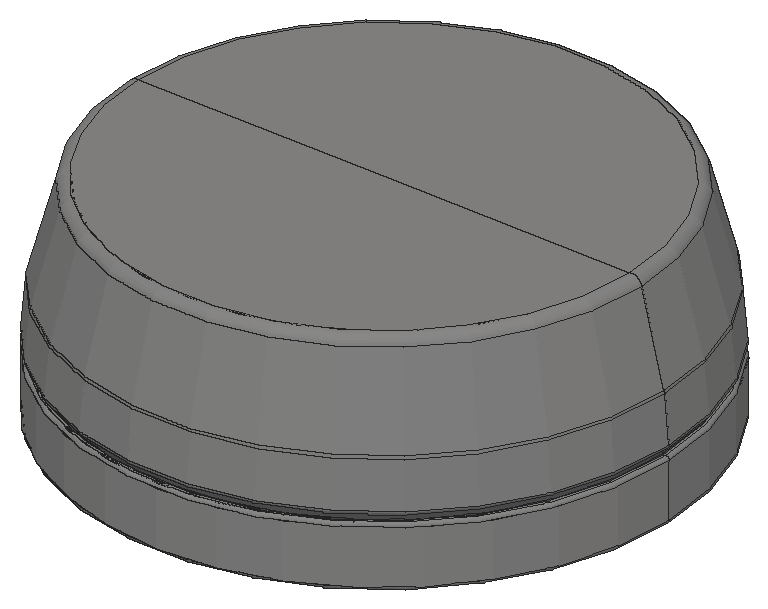
Revit family "Seating-Medium-Teknion-STBC_Qui-R2013", category Furniture, Revit 2013
Parameters (values of type "Medium")
  Width = 44.500"
  Warranty = "http://www.teknionstudio.com/pdfs/Teknion%20Studio%20Warranty.pdf"
  Unit Weight = 0.00 lbf
  URL = "www.teknionstudio.com"
  Top Upholstery Finish [instance] = Fabric - Teknion - F206 - Full Wool - Fantasme
  Thread Finish [instance] = Thread - Teknion - Black
  Series = "Studio"
  Product Line = "Qui"
  Product Documentation Link = "http://www.teknionstudio.com/pricing/STBC_ppg.pdf"
  Part Number = "STBC"
  No Casters = no
  Model = "STBC3"
  Mid Upholstery Finish [instance] = Fabric - Teknion - F212 - Full Wool - Ink
  Manufacturer Phone = "919-464-2920"
  Manufacturer Fax = "919-464-2927"
  Manufacturer Email = "customersupport@teknionstudio.com"
  Manufacturer Address = "3941 US 70 Business HWY West, Clayton, NC 27520"
  Manufacturer = "Teknion Studio"
  Low Emitting Material = yes
  Low Emitting Finish = yes
  Height = 17.3001"
  Description = "Qui Large Ottoman - Upholstered Mid Panel, 44.5\"dia x 18\"h / 113cm x 46cm"
  Depth = 44.500"
  Base Upholstery Finish [instance] = Fabric - Teknion - F206 - Full Wool - Fantasme
  Assembly Code = "E2020200"
Reference planes (in)
  plane 1 "Center F/B": y = 0
  plane 2: z = 0
  plane 3 "Center L/R": x = 0
  plane 4 "Left": x = -22.25
  plane 5 "Right": x = 22.25
  plane 6 "Back": y = 22.25
  plane 7 "Front": y = -22.25
  plane 8 "Top": z = 17.3001
  plane 9 "Mid Top": z = 5.99
  plane 10 "Mid Bottom": z = 5.4351
  plane 11 "Casters Top": z = 2.6851
  plane 12 "Bottom": z = 0.75
  plane 13: y = -10.5
  plane 14: through (0, 0, 48) normal (-0.5, 0.866, 0)
  plane 15: through (0, 0, 48) normal (0.5, 0.866, 0)
  plane 16 "Wheel Mid Plane": z = 1.19
  plane 17 "Thread 2": z = 16.6501
  plane 18 "Thread 3": x = -0.325
  plane 19 "Thread 4": x = 0.325
  plane 20: x = -3.725
  plane 21: x = 3.725
Forms (in)
  Revolve 1, solid, material "Fabric - Teknion - F206 - Full Wool - Fantasme" <- "Base Upholstery Finish"
    sketch origin (0, 0, 0) x (1, 0, 0) y (0, 0, 1)
      loop
        line (0, 5.4351) -> (-22, 5.4351)
        arc (-22, 5.4351) -> (-22.17678, 5.36188) -> (-22.25, 5.1851) r 0.25
        line (-22.25, 5.1851) -> (-22.25, 1)
        arc (-22.25, 1) -> (-22.17678, 0.82322) -> (-22, 0.75) r 0.25
        line (-22, 0.75) -> (0, 0.75) -> (0, 5.4351)
      axis (0, 5.4351) -> (0, 0.75)
    angle from 0 to 360
  Revolve 2, solid, material "Fabric - Teknion - F212 - Full Wool - Ink" <- "Mid Upholstery Finish"
    sketch origin (0, 0, 0) x (1, 0, 0) y (0, 0, 1)
      loop
        arc (-21.65, 6.0501) -> (-21.72071, 6.02081) -> (-21.75, 5.9501) r 0.1
        line (-21.75, 5.9501) -> (-21.75, 5.47013)
        arc (-21.75, 5.47013) -> (-21.72067, 5.39933) -> (-21.64987, 5.37) r 0.10013
        line (-21.64987, 5.37) -> (0, 5.37) -> (0, 6.0501) -> (-21.65, 6.0501)
      axis (0, 6.0501) -> (0, 5.37)
    angle from 0 to 360
  Revolve 3, solid, material "Fabric - Teknion - F206 - Full Wool - Fantasme" <- "Top Upholstery Finish"
    sketch origin (0, 0, 0) x (1, 0, 0) y (0, 0, 1)
      loop
        line (0, 17.3001) -> (0, 5.99) -> (21.98328, 5.99)
        arc (21.98328, 5.99) -> (22.1676, 6.0711) -> (22.23233, 6.26179) r 0.25
        line (22.23233, 6.26179) -> (21.92651, 9.75731)
        arc (21.92651, 9.75731) -> (21.91114, 9.87407) -> (21.88565, 9.98906) r 1.35
        line (21.88565, 9.98906) -> (20.1054, 16.63304)
        arc (20.1054, 16.63304) -> (19.78395, 17.11412) -> (19.23607, 17.3001) r 0.9
        line (19.23607, 17.3001) -> (0, 17.3001)
      axis (0, 5.99) -> (0, 17.3001)
    angle from 0 to 360
  Revolve 4, solid, material "Plastic - Teknion - E - Ebony"
    sketch origin (0, -9.5, 0) x (0, 1, 0) y (0, 0, 1)
      loop
        line (-10.5, 0) -> (-10.5, 0.75) -> (-11, 0.75) -> (-10.89982, 0) -> (-10.5, 0)
      axis (-10.5, 0) -> (-10.5, 0.75)
    angle from 0 to 360
  Revolve 5, solid, material "Plastic - Teknion - E - Ebony"
    sketch origin (-8.22724, -4.75, 0) x (0.866025, 0.5, 0) y (0, 0, 1)
      loop
        line (-10.5, 0) -> (-10.5, 0.75) -> (-11, 0.75) -> (-10.89982, 0) -> (-10.5, 0)
      axis (-10.5, 0) -> (-10.5, 0.75)
    angle from 0 to 360
  Revolve 6, solid, material "Plastic - Teknion - E - Ebony"
    sketch origin (-8.22724, 4.75, 0) x (0.866025, -0.5, 0) y (0, 0, 1)
      loop
        line (-10.5, 0) -> (-10.5, 0.75) -> (-11, 0.75) -> (-10.89982, 0) -> (-10.5, 0)
      axis (-10.5, 0) -> (-10.5, 0.75)
    angle from 0 to 360
  Revolve 7, solid, material "Plastic - Teknion - E - Ebony"
    sketch origin (0, 9.5, 0) x (0, -1, 0) y (0, 0, 1)
      loop
        line (-10.5, 0) -> (-10.5, 0.75) -> (-11, 0.75) -> (-10.89982, 0) -> (-10.5, 0)
      axis (-10.5, 0) -> (-10.5, 0.75)
    angle from 0 to 360
  Revolve 8, solid, material "Plastic - Teknion - E - Ebony"
    sketch origin (8.22724, 4.75, 0) x (-0.866025, -0.5, 0) y (0, 0, 1)
      loop
        line (-10.5, 0) -> (-10.5, 0.75) -> (-11, 0.75) -> (-10.89982, 0) -> (-10.5, 0)
      axis (-10.5, 0) -> (-10.5, 0.75)
    angle from 0 to 360
  Revolve 9, solid, material "Plastic - Teknion - E - Ebony"
    sketch origin (8.22724, -4.75, 0) x (-0.866025, 0.5, 0) y (0, 0, 1)
      loop
        line (-10.5, 0) -> (-10.5, 0.75) -> (-11, 0.75) -> (-10.89982, 0) -> (-10.5, 0)
      axis (-10.5, 0) -> (-10.5, 0.75)
    angle from 0 to 360
Lines and regions (in)
  Masking region 1
    outline origin (0, 0, 17.3001) x (-1, 0, 0) y (0, -1, 0)
      loop
        circle (0, 0) r 22.25
  symbolic lines, detail levels fine
    curve 1: circle (0, 0, 17.3001) r 21.75 normal (0, 0, 1)
  symbolic lines, detail levels medium+fine
    curve 2: circle (0, 0, 17.3001) r 20.1 normal (0, 0, 1)
  symbolic lines
    curve 3: circle (0, 0, 17.3001) r 19.6 normal (0, 0, 1)
  model lines, detail levels medium+fine
    curve 4: arc (0.325, -20.09737, 16.6501) -> (2.03236, -19.99699, 16.6501) -> (3.725, -19.75182, 16.6501) r 20.1
    curve 5: arc (-3.725, -19.75182, 16.6501) -> (-2.03236, -19.99699, 16.6501) -> (-0.325, -20.09737, 16.6501) r 20.1
    curve 7: line (-0.325, -20.10035, 16.6501) -> (-0.325, -21.89438, 9.95469)
    curve 8: line (-0.325, -22.22955, 6.24243) -> (-0.325, -21.94419, 9.50408)
    curve 9: arc (-0.325, -21.89438, 9.95469) -> (-0.325, -21.92161, 9.72964) -> (-0.325, -21.94419, 9.50408) r 11
    curve 10: arc (-0.325, -22.22955, 6.24243) -> (-0.325, -22.15562, 6.06393) -> (-0.325, -21.97712, 5.99) r 0.25243
    curve 11: line (-0.325, -22.25, 5.19389) -> (-0.325, -22.25, 1.00401)
    curve 12: arc (-0.325, -22.25, 1.00401) -> (-0.325, -22.1756, 0.8244) -> (-0.325, -21.99599, 0.75) r 0.25401
    curve 13: arc (-0.325, -22.25, 5.19389) -> (-0.325, -22.18367, 5.36175) -> (-0.325, -22.01808, 5.43354) r 0.23582
    curve 14: line (0.325, -20.10035, 16.6501) -> (0.325, -21.89438, 9.95469)
    curve 15: line (0.325, -22.22955, 6.24243) -> (0.325, -21.94419, 9.50408)
    curve 16: arc (0.325, -21.89438, 9.95469) -> (0.325, -21.92161, 9.72964) -> (0.325, -21.94419, 9.50408) r 11
    curve 17: arc (0.325, -22.22955, 6.24243) -> (0.325, -22.15562, 6.06393) -> (0.325, -21.97712, 5.99) r 0.25243
    curve 18: line (0.325, -22.25, 5.19389) -> (0.325, -22.25, 1.00401)
    curve 19: arc (0.325, -22.25, 1.00401) -> (0.325, -22.1756, 0.8244) -> (0.325, -21.99599, 0.75) r 0.25401
    curve 20: arc (0.325, -22.25, 5.19389) -> (0.325, -22.18367, 5.36175) -> (0.325, -22.01808, 5.43354) r 0.23582
  model lines, detail levels fine
    curve 6: arc (-3.725, -19.24277, 17.3001) -> (0, -19.6, 17.3001) -> (3.725, -19.24277, 17.3001) r 19.6
Dimensions and locks (in)
  "Height": plane 8 "Top" to level
  equal spacing: plane 4 "Left", plane 3 "Center L/R", plane 5 "Right"
  "Width": plane 4 "Left" to plane 5 "Right"
  equal spacing: plane 6 "Back", plane 1 "Center F/B", plane 7 "Front"
  "Depth": plane 6 "Back" to plane 7 "Front"
  locked: plane 3 "Center L/R" to Revolve 2 sketch curve at 21.75
  locked: plane 16 "Wheel Mid Plane" to plane 2 at 1.19
  plane 19 "Thread 4" to plane 3 "Center L/R" to plane 18 "Thread 3" = 0.325", 0.325"
  locked: plane 19 "Thread 4" to plane 18 "Thread 3" at 0.65
  Revolve 2 sketch curve to Revolve 2 sketch curve to Revolve 2 sketch curve to Revolve 2 sketch curve to plane 2 = 0.100" locked, 0.47997" locked, 0.10013" locked, 5.370" locked
  equal spacing: plane 20, plane 3 "Center L/R", plane 21
  locked: plane 20 to plane 21 at 7.45
  locked: plane 12 "Bottom" to plane 2 at 0.75
  locked: plane 11 "Casters Top" to plane 2 at 2.6851
  locked: plane 8 "Top" to plane 17 "Thread 2" at 0.65
  radius of curve 1 = 21.750"
  radius of curve 2 = 20.100"
  radius of curve 3 = 19.600"
  radius of curve 13 = 0.23582"
  radius of curve 10 = 0.25243"
  radius of curve 12 = 0.25401"
  radius of curve 6 = 19.600"
  radius of curve 4 = 20.100"
  radius of Masking region 1 sketch curve = 22.250"
  locked: plane 5 "Right" to Revolve 3 sketch curve (angle 15.00°)
  locked: plane 5 "Right" to Revolve 3 sketch curve (angle 5.00°)
  locked: curve 5 to curve 5 (angle 9.75352°)
  locked: curve 4 to curve 4 (angle 9.75352°)
  angle plane 7 "Front" to curve 7 = 15.00°
  locked: plane 7 "Front" to curve 8 (angle 5.00°)
  aligned and locked: level to plane 2
  aligned and locked: plane 8 "Top" to Revolve 1 sketch curve
  aligned and locked: plane 2 to Revolve 1 sketch curve
  aligned and locked: Revolve 1 sketch curve to plane 3 "Center L/R"  (x2)
  aligned and locked: Revolve 1 sketch curve to plane 4 "Left"
  aligned and locked: Revolve 1 sketch curve to plane 12 "Bottom"
  aligned and locked: plane 10 "Mid Bottom" to Revolve 1 sketch curve
  aligned and locked: plane 8 "Top" to Revolve 2 sketch curve
  aligned and locked: plane 2 to Revolve 2 sketch curve
  aligned and locked: Revolve 2 sketch curve to plane 3 "Center L/R"  (x2)
  aligned and locked: plane 8 "Top" to Revolve 3 sketch curve
  aligned and locked: plane 2 to Revolve 3 sketch curve
  aligned and locked: plane 3 "Center L/R" to Revolve 3 sketch curve
  aligned and locked: Revolve 3 sketch curve to plane 8 "Top"
  aligned and locked: Revolve 3 sketch curve to plane 9 "Mid Top"
  aligned and locked: Revolve 3 sketch curve to plane 3 "Center L/R"
  aligned and locked: curve 4 to curve 5
  aligned and locked: curve 7 to curve 14
  aligned and locked: curve 16 to curve 9
  aligned and locked: curve 15 to curve 8
  aligned and locked: curve 17 to curve 10
  aligned and locked: curve 20 to curve 13
  aligned and locked: curve 18 to curve 11
  aligned and locked: curve 19 to curve 12
  aligned and locked: curve 5 to curve 7
  aligned and locked: curve 4 to curve 14
  aligned and locked: curve 7 to curve 4
  aligned and locked: plane 20 to curve 6
  aligned and locked: plane 21 to curve 4
  aligned and locked: plane 21 to curve 6
  aligned and locked: plane 3 "Center L/R" to Masking region 1 sketch curve
  aligned and locked: plane 1 "Center F/B" to Masking region 1 sketch curve
  aligned and locked: plane 1 "Center F/B" to curve 2
  aligned and locked: plane 3 "Center L/R" to curve 2
  aligned and locked: plane 1 "Center F/B" to curve 1
  aligned and locked: plane 3 "Center L/R" to curve 1
  aligned and locked: plane 1 "Center F/B" to curve 3
  aligned and locked: plane 3 "Center L/R" to curve 3
Automatic sketch dimensions
  plane 4 "Left" to Revolve 1 sketch curve = 0.250"
  plane 12 "Bottom" to Revolve 1 sketch curve = 0.250"
  Revolve 3 sketch curve to plane 5 "Right" = 0.01767"
  plane 9 "Mid Top" to Revolve 3 sketch curve = 0.27179"
  Revolve 3 sketch curve to plane 8 "Top" = 0.66706"
  Revolve 3 sketch curve to Revolve 3 sketch curve = 0.86933"
  Revolve 3 sketch curve to plane 5 "Right" = 0.36435"
  Revolve 3 sketch curve to Revolve 3 sketch curve = 0.04086"
  Revolve 3 sketch curve to plane 5 "Right" = 0.26672"
  Revolve 3 sketch curve to Revolve 3 sketch curve = 1.34486"
  Revolve 3 sketch curve to Revolve 3 sketch curve = 0.23175"
  Revolve 4 sketch curve to Revolve 4 sketch curve = 0.10018"
  Revolve 4 sketch curve to Revolve 4 sketch curve = 0.39982"
  Revolve 4 sketch curve to Revolve 4 sketch curve = 0.000"  (x2)
  Revolve 4 sketch curve to Revolve 4 sketch curve = 0.750"
  Revolve 4 sketch curve to Revolve 4 sketch curve = 16.5501"
  Revolve 5 sketch curve to Revolve 5 sketch curve = 0.10018"
  Revolve 5 sketch curve to Revolve 5 sketch curve = 0.39982"
  Revolve 5 sketch curve to Revolve 5 sketch curve = 0.000"  (x2)
  Revolve 5 sketch curve to Revolve 5 sketch curve = 0.750"
  Revolve 5 sketch curve to Revolve 5 sketch curve = 16.5501"
  Revolve 6 sketch curve to Revolve 6 sketch curve = 0.10018"
  Revolve 6 sketch curve to Revolve 6 sketch curve = 0.39982"
  Revolve 6 sketch curve to Revolve 6 sketch curve = 0.000"  (x2)
  Revolve 6 sketch curve to Revolve 6 sketch curve = 0.750"
  Revolve 6 sketch curve to Revolve 6 sketch curve = 16.5501"
  Revolve 7 sketch curve to Revolve 7 sketch curve = 0.10018"
  Revolve 7 sketch curve to Revolve 7 sketch curve = 0.39982"
  Revolve 7 sketch curve to Revolve 7 sketch curve = 0.000"  (x2)
  Revolve 7 sketch curve to Revolve 7 sketch curve = 0.750"
  Revolve 7 sketch curve to Revolve 7 sketch curve = 16.5501"
  Revolve 8 sketch curve to Revolve 8 sketch curve = 0.10018"
  Revolve 8 sketch curve to Revolve 8 sketch curve = 0.39982"
  Revolve 8 sketch curve to Revolve 8 sketch curve = 0.000"  (x2)
  Revolve 8 sketch curve to Revolve 8 sketch curve = 0.750"
  Revolve 8 sketch curve to Revolve 8 sketch curve = 16.5501"
  Revolve 9 sketch curve to Revolve 9 sketch curve = 0.10018"
  Revolve 9 sketch curve to Revolve 9 sketch curve = 0.39982"
  Revolve 9 sketch curve to Revolve 9 sketch curve = 0.000"  (x2)
  Revolve 9 sketch curve to Revolve 9 sketch curve = 0.750"
  Revolve 9 sketch curve to Revolve 9 sketch curve = 16.5501"
  curve 13 to plane 10 "Mid Bottom" = 0.00156"
  curve 18 to plane 7 "Front" = 0.000"
  curve 18 to plane 16 "Wheel Mid Plane" = 0.18599"
  curve 14 to plane 7 "Front" = 0.35562"
  curve 19 to plane 12 "Bottom" = 0.000"
  curve 17 to plane 9 "Mid Top" = 0.000"
  curve 14 to plane 17 "Thread 2" = 0.000"
  curve 18 to plane 10 "Mid Bottom" = 0.24121"
  curve 15 to plane 7 "Front" = 0.02045"
  plane 9 "Mid Top" to curve 15 = 0.25243"
  curve 15 to plane 7 "Front" = 0.30581"
  curve 17 to curve 15 = 3.26165"
  curve 16 to curve 14 = 0.45061"
  curve 18 to curve 20 = 0.00386"
  curve 20 to plane 10 "Mid Bottom" = 0.00156"
  curve 16 to plane 13 = 0.48821"
  curve 14 to plane 7 "Front" = 2.14965"
  curve 20 to curve 18 = 0.23579"
  plane 1 "Center F/B" to curve 5 = 0.000"
  curve 1 to curve 6 = 0.000"  (x2)
